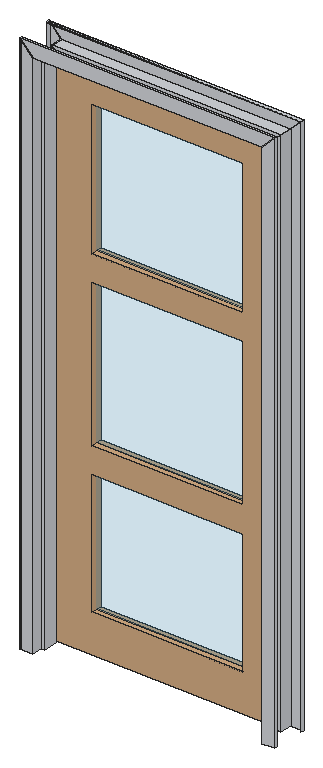
Revit family "Ext-Three FG-WDMF-36 x 84", category Doors, host Wall, Revit 2014
Parameters (values of type "Ext-Three FG-WDMF-36" x 84"")
  Width = Door Panel Width  # 3' - 0"
  Wall Thickness [instance] = 0' - 5 3/4"
  URL = ""
  Type Comments = "EXT,"
  Thickness = 0' - 1 3/4"
  Swing Angle [instance] = 90.00°
  SDI RO Spacing = 0' - 0"
  SDI Panel 1 Width = Leaf Width + 0' 0 3/16"  # 3' - 0"
  SDI No Panels = ""
  SDI HW Set [instance] = ""
  SDI HW Item LO-2 [instance] = ""
  SDI HW Item LO-1 [instance] = ""
  SDI HW Item KP-2 [instance] = ""
  SDI HW Item KP-1 [instance] = ""
  SDI HW Item HI-2 [instance] = ""
  SDI HW Item HI-1 [instance] = ""
  SDI HW Item HC-2 [instance] = ""
  SDI HW Item HC-1 [instance] = ""
  SDI HW Item ED-2 [instance] = ""
  SDI HW Item ED-1 [instance] = ""
  SDI HW Item DO-2 [instance] = ""
  SDI HW Item DO-1 [instance] = ""
  SDI HW Item CL-2 [instance] = ""
  SDI HW Item CL-1 [instance] = ""
  SDI Glass Material = Glass
  SDI Frame Type = "3 Piece"
  SDI Frame Material Type = "Hollow Metal"
  SDI Frame Material = Paint - Generic - Prime
  SDI Frame Manufacturer = ""
  SDI Frame Jamb Width = 0' - 2"
  SDI Frame Head Width = 0' - 2"
  SDI Frame Finish Type = "Painted"
  SDI Frame Finish Color = "Prime"
  SDI Frame Depth [instance] = 0' - 5 3/4"
  SDI Family Version = "1.0"
  SDI Door Top Rail Width = 0' - 7 3/4"
  SDI Door Stile Width = 0' - 6"
  SDI Door Panel Type = "FG"
  SDI Door Material Type = "Hollow Metal"
  SDI Door Material = Stain - SRO - Red Oak 100 Clear
  SDI Door Manufacturer = ""
  SDI Door Glass Type = "1/4\" Tempered"
  SDI Door Finish Type = "Painted"
  SDI Door Finish Color = "Prime"
  SDI Door Configuration = "SG"
  SDI Door Bottom Rail Width = 1' - 0"
  SDI Arch Frame Type [instance] = "1"
  SDI Arch Frame Material Type [instance] = "HM"
  SDI Arch Door Panel Type [instance] = "FG"
  SDI Arch Door Material Type [instance] = "HM"
  Rough Width = Frame Width - 0' 0" + 2 * SDI RO Spacing  # 3' - 4"
  Rough Height = Frame Height - 0' 0" + SDI RO Spacing  # 7' - 2"
  R1 Height = 7' - 0"
  P1 Width = 3' - 2"
  Model = "Ext-Three FG-WDMF-36\" x 84\""
  Manufacturer = ""
  Leaf Width = P1 Width - 0' 2 3/16"  # 2' - 11 13/16"
  Height = Door Panel Height  # 7' - 0"
  Glass Offset [instance] = 0' 2 1/16" + (SDI Frame Depth - 0' 5 3/4") / 2  # 0' - 2 1/16"
  Function = Exterior
  Frame Width = P1 Width + 0' 2"  # 3' - 4"
  Frame Offset [instance] = if(Aligned Exterior, SDI Frame Depth / 2, if(Aligned Center, Wall Thickness / 2, if(Aligned Interior, Wall Thickness - SDI Frame Depth + SDI Frame Depth / 2, Aligned Other)))  # 0' - 2 7/8"
  Frame Height = R1 Height + 0' 2"  # 7' - 2"
  Fire Rating = ""
  Exterior Glazing [instance] = no
  Door Panel Width = P1 Width - 0' 2"  # 3' - 0"
  Door Panel Height = R1 Height + 0' 2" - (0' 2")  # 7' - 0"
  Door Offset [instance] = 0' 2 13/16" + (SDI Frame Depth - 0' 5 3/4") / 2  # 0' - 2 13/16"
  Description = "Hollow Wood Door with Hollow Metal Frame"
  Cost = 0
  Assembly Code = "B2030120"
  Analytic Construction = "<None>"
  Aligned Other [instance] = 0' - 0"
  Aligned Interior [instance] = no
  Aligned Exterior [instance] = yes
  Aligned Center [instance] = no
  ADA Clearance Lines = no
Reference planes (in)
  plane 1: y = 0
  plane 2 "Center (Left/Right)": x = 0
  plane 3 "Wall Edge": y = 2.875
  plane 4 "Wall Interior": y = -2.875
  plane 5 "ModelRefLevel": z = -0.36736
  plane 6 "FrameDepthPlane": y = 0
  plane 7 "FrameFront": y = 2.875
  plane 8 "FrameBack": y = -2.875
  plane 9 "V0": x = 19
  plane 10 "V1": x = -19
  plane 11 "H0": z = 1
  plane 12 "H1": z = 85
  plane 13 "DoorLeft": x = 18
  plane 14 "DoorRight": x = -18
  plane 15 "DoorCenter": x = 0
  plane 16 "DoorTop": z = 83.875
  plane 17 "DoorCenterTB": z = 41.75382
  plane 18 "DoorExtFace": y = 2.8125
  plane 19 "DoorGlassFace": y = 2.0625
  plane 20 "LockCenterLine": z = 40.94513
  plane 21 "DoorExtFace1": y = 2.0625
  plane 22 "ActDoorLeft": x = 17.90625
  plane 23 "SwingClrPlane": y = 62.875
  plane 24 "SwingPartialPlane": y = 50.875
  plane 25: z = 55.79421
  plane 26: z = 27.71342
Forms (in)
  Extrusion 1, solid
    sketch origin (138.6875, 0, 43) x (-1, 0, 0) y (0, -1, 0)
      loop
        line (118.6875, -2.375) -> (118.6875, -2.875) -> (120.6875, -2.875) -> (120.6875, -0.9375) -> (121.3125, -0.9375) -> (121.3125, 1.3125) -> (120.6875, 1.3125) -> (120.6875, 2.875) -> (118.6875, 2.875) -> (118.6875, 2.4375) -> (118.75, 2.4375) -> (118.75, 2.8125) -> (120.625, 2.8125) -> (120.625, 1.25) -> (121.25, 1.25) -> (121.25, -0.875) -> (120.625, -0.875) -> (120.625, -2.8125) -> (118.75, -2.8125) -> (118.75, -2.375) -> (118.6875, -2.375)
    from -43 to 43
  Extrusion 2, void
    sketch origin (0, 2.875, 0) x (1, 0, 0) y (0, 0, 1)
      loop
        line (20, 86) -> (17.375, 86) -> (17.375, 83.375) -> (20, 86)
    from -12 to 12
  Extrusion 3, solid
    sketch origin (101.3125, 0, 43) x (-1, 0, 0) y (0, -1, 0)
      loop
        line (121.25, -2.375) -> (121.25, -2.8125) -> (119.375, -2.8125) -> (119.375, -0.875) -> (118.75, -0.875) -> (118.75, 1.25) -> (119.375, 1.25) -> (119.375, 2.8125) -> (121.25, 2.8125) -> (121.25, 2.4375) -> (121.3125, 2.4375) -> (121.3125, 2.875) -> (119.3125, 2.875) -> (119.3125, 1.3125) -> (118.6875, 1.3125) -> (118.6875, -0.9375) -> (119.3125, -0.9375) -> (119.3125, -2.875) -> (121.3125, -2.875) -> (121.3125, -2.375) -> (121.25, -2.375)
    from -43 to 43
  Extrusion 4, void
    sketch origin (0, 2.875, 0) x (1, 0, 0) y (0, 0, 1)
      loop
        line (-20, 86) -> (-17.375, 83.375) -> (-17.375, 86) -> (-20, 86)
    from -12 to 12
  Extrusion 5, solid
    sketch origin (0, 0, 84.6875) x (0, 1, 0) y (0, 0, 1)
      loop
        line (2.375, 1.25) -> (2.8125, 1.25) -> (2.8125, -0.625) -> (0.875, -0.625) -> (0.875, -1.25) -> (-1.25, -1.25) -> (-1.25, -0.625) -> (-2.8125, -0.625) -> (-2.8125, 1.25) -> (-2.4375, 1.25) -> (-2.4375, 1.3125) -> (-2.875, 1.3125) -> (-2.875, -0.6875) -> (-1.3125, -0.6875) -> (-1.3125, -1.3125) -> (0.9375, -1.3125) -> (0.9375, -0.6875) -> (2.875, -0.6875) -> (2.875, 1.3125) -> (2.375, 1.3125) -> (2.375, 1.25)
    from -20 to 20
  Extrusion 6, void
    sketch origin (0, 2.875, 0) x (1, 0, 0) y (0, 0, 1)
      loop
        line (-20, 86) -> (-20, 83.375) -> (-17.375, 83.375) -> (-20, 86)
    from -12 to 12
  Extrusion 7, void
    sketch origin (0, 2.875, 0) x (1, 0, 0) y (0, 0, 1)
      loop
        line (20, 86) -> (17.375, 83.375) -> (20, 83.375) -> (20, 86)
    from -12 to 12
  Extrusion 8, solid, material "Stain - SRO - Red Oak 100 Clear" <- "SDI Door Material"
    sketch origin (-60, 2.8125, -12) x (1, 0, 0) y (0, 0, 1)
      loop
        line (77.90625, 12.25764) -> (77.90625, 95.875) -> (42.09375, 95.875) -> (42.09375, 12.25764) -> (77.90625, 12.25764)
      loop
        line (71.90625, 18.25764) -> (71.90625, 37.71342) -> (48.09375, 37.71342) -> (48.09375, 18.25764) -> (71.90625, 18.25764)
      loop
        line (48.09375, 89.875) -> (48.09375, 68.79421) -> (71.90625, 68.79421) -> (71.90625, 89.875) -> (48.09375, 89.875)
      loop
        line (71.90625, 64.79421) -> (48.09375, 64.79421) -> (48.09375, 41.71342) -> (71.90625, 41.71342) -> (71.90625, 64.79421)
    from 0 to 1.75
  Extrusion 9, solid, material "Glass" <- "SDI Glass Material"
    sketch origin (-53.8125, 2.0625, -12.31096) x (1, 0, 0) y (0, 0, 1)
      loop
        line (41.90625, 69.10517) -> (65.71875, 69.10517) -> (65.71875, 90.18596) -> (41.90625, 90.18596) -> (41.90625, 69.10517)
      loop
        line (65.71875, 65.10517) -> (41.90625, 65.10517) -> (41.90625, 42.02438) -> (65.71875, 42.02438) -> (65.71875, 65.10517)
      loop
        line (65.71875, 38.02438) -> (41.90625, 38.02438) -> (41.90625, 18.5686) -> (65.71875, 18.5686) -> (65.71875, 38.02438)
    from 0 to 0.25
Cuts and joins
  Extrusion 2 cuts Extrusion 1
  Extrusion 4 cuts Extrusion 3
  Extrusion 6, Extrusion 7 cuts Extrusion 5
Lines and regions (in)
  Opening 1
    outline origin (-60, -2.875, 0) x (1, 0, 0) y (0, 0, 1)
      loop
        line (80, 0) -> (80, 86) -> (40, 86) -> (40, 0) -> (80, 0)
  symbolic lines, style "DoorsFrameMullionProjection", detail levels fine
    curve 1: line (20, 2.375, 0) -> (20, 2.875, 0)
    curve 2: line (20, 2.875, 0) -> (18, 2.875, 0)
    curve 3: line (18, 2.875, 0) -> (18, 0.9375, 0)
    curve 4: line (18, 0.9375, 0) -> (17.375, 0.9375, 0)
    curve 5: line (17.375, 0.9375, 0) -> (17.375, -1.3125, 0)
    curve 6: line (17.375, -1.3125, 0) -> (18, -1.3125, 0)
    curve 7: line (18, -1.3125, 0) -> (18, -2.875, 0)
    curve 8: line (18, -2.875, 0) -> (20, -2.875, 0)
    curve 9: line (20, -2.875, 0) -> (20, -2.4375, 0)
    curve 10: line (20, -2.4375, 0) -> (19.9375, -2.4375, 0)
    curve 11: line (19.9375, -2.4375, 0) -> (19.9375, -2.8125, 0)
    curve 12: line (19.9375, -2.8125, 0) -> (18.0625, -2.8125, 0)
    curve 13: line (18.0625, -2.8125, 0) -> (18.0625, -1.25, 0)
    curve 14: line (18.0625, -1.25, 0) -> (17.4375, -1.25, 0)
    curve 15: line (17.4375, -1.25, 0) -> (17.4375, 0.875, 0)
    curve 16: line (17.4375, 0.875, 0) -> (18.0625, 0.875, 0)
    curve 17: line (18.0625, 0.875, 0) -> (18.0625, 2.8125, 0)
    curve 18: line (18.0625, 2.8125, 0) -> (19.9375, 2.8125, 0)
    curve 19: line (19.9375, 2.8125, 0) -> (19.9375, 2.375, 0)
    curve 20: line (19.9375, 2.375, 0) -> (20, 2.375, 0)
    curve 25: line (-19.9375, 2.375, 0) -> (-19.9375, 2.8125, 0)
    curve 26: line (-19.9375, 2.8125, 0) -> (-18.0625, 2.8125, 0)
    curve 27: line (-18.0625, 2.8125, 0) -> (-18.0625, 0.875, 0)
    curve 28: line (-18.0625, 0.875, 0) -> (-17.4375, 0.875, 0)
    curve 29: line (-17.4375, 0.875, 0) -> (-17.4375, -1.25, 0)
    curve 30: line (-17.4375, -1.25, 0) -> (-18.0625, -1.25, 0)
    curve 31: line (-18.0625, -1.25, 0) -> (-18.0625, -2.8125, 0)
    curve 32: line (-18.0625, -2.8125, 0) -> (-19.9375, -2.8125, 0)
    curve 33: line (-19.9375, -2.8125, 0) -> (-19.9375, -2.4375, 0)
    curve 34: line (-19.9375, -2.4375, 0) -> (-20, -2.4375, 0)
    curve 35: line (-20, -2.4375, 0) -> (-20, -2.875, 0)
    curve 36: line (-20, -2.875, 0) -> (-18, -2.875, 0)
    curve 37: line (-18, -2.875, 0) -> (-18, -1.3125, 0)
    curve 38: line (-18, -1.3125, 0) -> (-17.375, -1.3125, 0)
    curve 39: line (-17.375, -1.3125, 0) -> (-17.375, 0.9375, 0)
    curve 40: line (-17.375, 0.9375, 0) -> (-18, 0.9375, 0)
    curve 41: line (-18, 0.9375, 0) -> (-18, 2.875, 0)
    curve 42: line (-18, 2.875, 0) -> (-20, 2.875, 0)
    curve 43: line (-20, 2.875, 0) -> (-20, 2.375, 0)
    curve 44: line (-20, 2.375, 0) -> (-19.9375, 2.375, 0)
  symbolic lines, style "DoorsFrameMullionProjection", detail levels coarse+medium
    curve 21: line (18, -2.875, 0) -> (20, -2.875, 0)
    curve 22: line (18, 2.875, 0) -> (20, 2.875, 0)
    curve 23: line (18, -2.875, 0) -> (18, 2.875, 0)
    curve 24: line (20, -2.875, 0) -> (20, 2.875, 0)
    curve 45: line (-20, -2.875, 0) -> (-18, -2.875, 0)
    curve 46: line (-20, 2.875, 0) -> (-18, 2.875, 0)
    curve 47: line (-20, -2.875, 0) -> (-20, 2.875, 0)
    curve 48: line (-18, -2.875, 0) -> (-18, 2.875, 0)
  symbolic lines, style "Elevation Swing"
    curve 49: line (-17.90625, 2.875, 83.875) -> (17.90625, 2.875, 41.75382)
    curve 50: line (-17.90625, 2.875, 0) -> (17.90625, 2.875, 41.75382)
  symbolic lines, style "ADA Clearance", visible <- "ADA Clearance Lines"
    curve 51: line (20, 2.875, 0) -> (20, 62.875, 0)
    curve 52: line (-36, 62.875, 0) -> (20, 62.875, 0)
    curve 53: line (-36, 50.875, 0) -> (20, 50.875, 0)
    curve 54: line (-36, 2.875, 0) -> (-36, 62.875, 0)
    curve 55: line (20, -2.875, 0) -> (20, -50.875, 0)
    curve 56: line (-30, -50.875, 0) -> (20, -50.875, 0)
    curve 57: line (-30, -2.875, 0) -> (-30, -50.875, 0)
Text (in)
  text "Placement Side" at (0, 40.15149, 123.01588), in view "Right"
  text "Placement Side" at (-70.3804, 28.46503, 0), in view "Ref. Level"
  text "Placement Side" at (0, 81.62555, 140.59947), in view "Left"
Dimensions and locks (in)
  locked: plane 3 "Wall Edge" to host wall
  equal spacing: host wall, plane 2 "Center (Left/Right)", host wall
  "Rough Width": host wall to host wall
  "Rough Height": level to host wall
  equal spacing: plane 3 "Wall Edge", plane 1, plane 4 "Wall Interior"
  "Wall Thickness": host wall to host wall
  "Frame Offset": plane 3 "Wall Edge" to plane 6 "FrameDepthPlane"
  equal spacing: plane 7 "FrameFront", plane 6 "FrameDepthPlane", plane 8 "FrameBack"
  "SDI Frame Depth": plane 7 "FrameFront" to plane 8 "FrameBack"
  equal spacing: plane 9 "V0", plane 2 "Center (Left/Right)", plane 10 "V1"
  "P1 Width": plane 9 "V0" to plane 10 "V1"
  "R1 Height": plane 11 "H0" to plane 12 "H1"
  locked: plane 12 "H1" to Extrusion 1 at 1
  locked: plane 11 "H0" to Extrusion 1 at 1
  locked: plane 9 "V0" to Extrusion 1 at 1  (x4)
  locked: plane 9 "V0" to Extrusion 1 at 0.9375  (x5)
  locked: plane 9 "V0" to Extrusion 1 at 1.5625
  locked: plane 9 "V0" to Extrusion 1 at 1.625
  locked: plane 12 "H1" to Extrusion 3 at 1
  locked: plane 11 "H0" to Extrusion 3 at 1
  locked: plane 10 "V1" to Extrusion 3 at 0.9375  (x4)
  locked: plane 10 "V1" to Extrusion 3 at 1  (x5)
  locked: plane 10 "V1" to Extrusion 3 at 1.625
  locked: plane 10 "V1" to Extrusion 3 at 1.5625
  locked: plane 9 "V0" to Extrusion 5 at 1
  locked: plane 10 "V1" to Extrusion 5 at 1
  locked: plane 12 "H1" to Extrusion 5 at 0.9375  (x5)
  locked: plane 12 "H1" to Extrusion 5 at 1.5625
  locked: plane 12 "H1" to Extrusion 5 at 1  (x4)
  locked: plane 12 "H1" to Extrusion 5 at 1.625
  locked: plane 7 "FrameFront" to cut or joined group of Extrusion 1, Extrusion 2 at 1.9375
  locked: plane 7 "FrameFront" to cut or joined group of Extrusion 1, Extrusion 2 at 2
  locked: plane 7 "FrameFront" to cut or joined group of Extrusion 1, Extrusion 2 at 0.0625
  locked: plane 7 "FrameFront" to cut or joined group of Extrusion 1, Extrusion 2 at 0.5
  locked: plane 8 "FrameBack" to cut or joined group of Extrusion 1, Extrusion 2 at 1.5625
  locked: plane 8 "FrameBack" to cut or joined group of Extrusion 1, Extrusion 2 at 0.4375
  locked: plane 8 "FrameBack" to cut or joined group of Extrusion 1, Extrusion 2 at 0.0625
  locked: plane 8 "FrameBack" to cut or joined group of Extrusion 1, Extrusion 2 at 1.625
  locked: plane 7 "FrameFront" to cut or joined group of Extrusion 3, Extrusion 4 at 0.0625
  locked: plane 7 "FrameFront" to cut or joined group of Extrusion 3, Extrusion 4 at 2
  locked: plane 7 "FrameFront" to cut or joined group of Extrusion 3, Extrusion 4 at 1.9375
  locked: plane 7 "FrameFront" to cut or joined group of Extrusion 3, Extrusion 4 at 0.5
  locked: plane 8 "FrameBack" to cut or joined group of Extrusion 3, Extrusion 4 at 1.625
  locked: plane 8 "FrameBack" to cut or joined group of Extrusion 3, Extrusion 4 at 0.0625
  locked: plane 8 "FrameBack" to cut or joined group of Extrusion 3, Extrusion 4 at 0.4375
  locked: plane 8 "FrameBack" to cut or joined group of Extrusion 3, Extrusion 4 at 1.5625
  locked: plane 7 "FrameFront" to cut or joined group of Extrusion 5, Extrusion 6, Extrusion 7 at 0.0625
  locked: plane 7 "FrameFront" to cut or joined group of Extrusion 5, Extrusion 6, Extrusion 7 at 2
  locked: plane 7 "FrameFront" to cut or joined group of Extrusion 5, Extrusion 6, Extrusion 7 at 1.9375
  locked: plane 7 "FrameFront" to cut or joined group of Extrusion 5, Extrusion 6, Extrusion 7 at 0.5
  locked: plane 8 "FrameBack" to cut or joined group of Extrusion 5, Extrusion 6, Extrusion 7 at 1.625
  locked: plane 8 "FrameBack" to cut or joined group of Extrusion 5, Extrusion 6, Extrusion 7 at 0.0625
  locked: plane 8 "FrameBack" to cut or joined group of Extrusion 5, Extrusion 6, Extrusion 7 at 0.4375
  locked: plane 8 "FrameBack" to cut or joined group of Extrusion 5, Extrusion 6, Extrusion 7 at 1.5625
  locked: plane 7 "FrameFront" to curve 4 at 1.9375
  locked: plane 7 "FrameFront" to curve 16 at 2
  locked: plane 7 "FrameFront" to curve 18 at 0.0625
  locked: plane 7 "FrameFront" to curve 20 at 0.5
  locked: plane 7 "FrameFront" to curve 26 at 0.0625
  locked: plane 7 "FrameFront" to curve 28 at 2
  locked: plane 7 "FrameFront" to curve 40 at 1.9375
  locked: plane 7 "FrameFront" to curve 44 at 0.5
  locked: plane 8 "FrameBack" to curve 6 at 1.5625
  locked: plane 8 "FrameBack" to curve 10 at 0.4375
  locked: plane 8 "FrameBack" to curve 12 at 0.0625
  locked: plane 8 "FrameBack" to curve 14 at 1.625
  locked: plane 8 "FrameBack" to curve 30 at 1.625
  locked: plane 8 "FrameBack" to curve 32 at 0.0625
  locked: plane 8 "FrameBack" to curve 34 at 0.4375
  locked: plane 8 "FrameBack" to curve 38 at 1.5625
  locked: plane 9 "V0" to plane 13 "DoorLeft" at 1
  locked: plane 10 "V1" to plane 14 "DoorRight" at 1
  locked: plane 12 "H1" to plane 16 "DoorTop" at 1.125
  equal spacing: plane 16 "DoorTop", plane 17 "DoorCenterTB", plane 5 "ModelRefLevel"
  "Door Offset": plane 6 "FrameDepthPlane" to plane 18 "DoorExtFace"
  "Glass Offset": plane 6 "FrameDepthPlane" to plane 19 "DoorGlassFace"
  locked: plane 20 "LockCenterLine" to plane 5 "ModelRefLevel" at 41.3125
  locked: Extrusion 8 to Extrusion 8 at 1.75
  locked: plane 6 "FrameDepthPlane" to plane 21 "DoorExtFace1" at 2.0625
  locked: Extrusion 9 to Extrusion 9 at 0.25
  locked: plane 13 "DoorLeft" to Extrusion 8 at 0.09375
  locked: plane 14 "DoorRight" to Extrusion 8 at 6.09375
  locked: plane 14 "DoorRight" to Extrusion 8 at 0.09375
  locked: plane 13 "DoorLeft" to Extrusion 8 at 6.09375
  plane 5 "ModelRefLevel" to Extrusion 8 = 0' - 6 5/8"
  plane 5 "ModelRefLevel" to Extrusion 8 = 0' - 0 5/8"
  plane 16 "DoorTop" to Extrusion 8 = 0' - 6"
  locked: plane 13 "DoorLeft" to plane 22 "ActDoorLeft" at 0.09375
  locked: plane 3 "Wall Edge" to plane 23 "SwingClrPlane" at 60
  locked: plane 3 "Wall Edge" to plane 24 "SwingPartialPlane" at 48
  Extrusion 8 sketch curve to plane 25 to Extrusion 8 sketch curve = 0' - 3" locked, 0' - 1" locked
  Extrusion 8 sketch curve to plane 26 to Extrusion 8 sketch curve = 0' - 2" locked, 0' - 2" locked
  locked: Extrusion 8 sketch curve to Extrusion 8 sketch curve at 6
  locked: Extrusion 8 sketch curve to plane 16 "DoorTop" at 6
  equal spacing: plane 5 "ModelRefLevel", plane 26, plane 25, plane 16 "DoorTop"
  aligned and locked: plane 4 "Wall Interior" to host wall
  aligned and locked: cut or joined group of Extrusion 1, Extrusion 2 to plane 7 "FrameFront"
  aligned and locked: plane 8 "FrameBack" to cut or joined group of Extrusion 1, Extrusion 2
  aligned and locked: cut or joined group of Extrusion 3, Extrusion 4 to plane 7 "FrameFront"
  aligned and locked: plane 8 "FrameBack" to cut or joined group of Extrusion 3, Extrusion 4
  aligned and locked: cut or joined group of Extrusion 5, Extrusion 6, Extrusion 7 to plane 7 "FrameFront"
  aligned and locked: plane 8 "FrameBack" to cut or joined group of Extrusion 5, Extrusion 6, Extrusion 7
  aligned and locked: curve 2 to plane 7 "FrameFront"
  aligned and locked: plane 7 "FrameFront" to curve 22
  aligned and locked: curve 42 to plane 7 "FrameFront"
  aligned and locked: plane 7 "FrameFront" to curve 46
  aligned and locked: plane 8 "FrameBack" to curve 8
  aligned and locked: plane 8 "FrameBack" to curve 36
  aligned and locked: Extrusion 8 to plane 18 "DoorExtFace"
  aligned and locked: Extrusion 9 to plane 21 "DoorExtFace1"
  aligned and locked: plane 7 "FrameFront" to nested 1
  aligned and locked: plane 22 "ActDoorLeft" to nested 1
  aligned and locked: plane 23 "SwingClrPlane" to curve 52
  aligned and locked: plane 24 "SwingPartialPlane" to curve 53
  aligned and locked: Extrusion 9 sketch curve to Extrusion 8  (x12)
Automatic sketch dimensions
  Opening 1 sketch curve to level = 0' - 0"
  Opening 1 sketch curve to plane 2 "Center (Left/Right)" = 1' - 8"
  plane 2 "Center (Left/Right)" to Opening 1 sketch curve = 1' - 8"
  level to Opening 1 sketch curve = 7' - 2"
  Extrusion 2 sketch curve to plane 9 "V0" = 0' - 1 5/8"
  plane 9 "V0" to Extrusion 2 sketch curve = 0' - 1"
  plane 12 "H1" to Extrusion 2 sketch curve = 0' - 1 5/8"
  Extrusion 2 sketch curve to plane 12 "H1" = 0' - 1"
  Extrusion 1 sketch curve to host wall = 0' - 0"
  host wall to Extrusion 1 sketch curve = 0' - 0"
  Extrusion 1 sketch curve to host wall = 0' - 0 1/2"
  plane 2 "Center (Left/Right)" to Extrusion 1 sketch curve = 1' - 8"  (x2)
  Extrusion 1 sketch curve to host wall = 0' - 0 7/16"
  Extrusion 1 sketch curve to Extrusion 1 sketch curve = 0' - 0 1/16"  (x7)
  plane 2 "Center (Left/Right)" to Extrusion 1 sketch curve = 1' - 6 1/16"  (x2)
  Extrusion 1 sketch curve to host wall = 0' - 0 1/16"  (x2)
  Extrusion 1 sketch curve to Extrusion 1 sketch curve = 0' - 0 9/16"
  Extrusion 1 sketch curve to host wall = 0' - 0 15/16"
  host wall to Extrusion 1 sketch curve = 0' - 1 1/4"
  plane 9 "V0" to curve 1 = 0' - 1"
  curve 6 to curve 5 = 0' - 0 5/8"
  curve 7 to plane 9 "V0" = 0' - 1"
  curve 9 to curve 10 = 0' - 0 1/16"
  curve 12 to curve 7 = 0' - 0 1/16"
  curve 14 to curve 5 = 0' - 0 1/16"
  curve 16 to curve 3 = 0' - 0 1/16"
  curve 1 to curve 18 = 0' - 0 1/16"
  Extrusion 4 sketch curve to plane 10 "V1" = 0' - 1"
  plane 10 "V1" to Extrusion 4 sketch curve = 0' - 1 5/8"
  plane 12 "H1" to Extrusion 4 sketch curve = 0' - 1 5/8"
  Extrusion 4 sketch curve to plane 12 "H1" = 0' - 1"
  host wall to Extrusion 3 sketch curve = 0' - 0"
  Extrusion 3 sketch curve to host wall = 0' - 0"
  Extrusion 3 sketch curve to plane 2 "Center (Left/Right)" = 1' - 5 3/8"
  Extrusion 3 sketch curve to Extrusion 3 sketch curve = 0' - 0 1/16"  (x7)
  Extrusion 3 sketch curve to Extrusion 3 sketch curve = 0' - 0 9/16"  (x2)
  Extrusion 3 sketch curve to host wall = 0' - 0 7/16"
  Extrusion 3 sketch curve to plane 2 "Center (Left/Right)" = 1' - 7 15/16"  (x2)
  Extrusion 3 sketch curve to host wall = 0' - 0 1/2"
  Extrusion 3 sketch curve to host wall = 0' - 0 1/16"  (x2)
  Extrusion 3 sketch curve to host wall = 0' - 0 15/16"
  host wall to Extrusion 3 sketch curve = 0' - 1 1/4"
  plane 10 "V1" to curve 26 = 0' - 0 15/16"
  curve 29 to curve 30 = 0' - 0 5/8"
  curve 32 to plane 10 "V1" = 0' - 0 15/16"
  curve 33 to curve 34 = 0' - 0 1/16"
  curve 36 to curve 31 = 0' - 0 1/16"
  curve 38 to curve 29 = 0' - 0 1/16"
  curve 40 to curve 27 = 0' - 0 1/16"
  curve 25 to curve 42 = 0' - 0 1/16"
  Extrusion 6 sketch curve to plane 10 "V1" = 0' - 1"
  plane 10 "V1" to Extrusion 6 sketch curve = 0' - 1 5/8"
  plane 12 "H1" to Extrusion 6 sketch curve = 0' - 1 5/8"
  Extrusion 6 sketch curve to plane 12 "H1" = 0' - 1"
  Extrusion 7 sketch curve to plane 9 "V0" = 0' - 1 5/8"
  plane 9 "V0" to Extrusion 7 sketch curve = 0' - 1"
  plane 12 "H1" to Extrusion 7 sketch curve = 0' - 1 5/8"
  Extrusion 7 sketch curve to plane 12 "H1" = 0' - 1"
  Extrusion 5 sketch curve to host wall = 0' - 0"  (x2)
  Extrusion 5 sketch curve to host wall = 0' - 0 1/16"  (x2)
  Extrusion 5 sketch curve to Extrusion 5 sketch curve = 0' - 0 3/8"
  host wall to Extrusion 5 sketch curve = 0' - 1 5/16"
  Extrusion 5 sketch curve to Extrusion 5 sketch curve = 0' - 0 1/16"  (x7)
  Extrusion 5 sketch curve to host wall = 0' - 0 7/8"
  Extrusion 5 sketch curve to host wall = 0' - 0 1/2"
  level to Extrusion 5 sketch curve = 6' - 11 3/8"
  Extrusion 5 sketch curve to Extrusion 5 sketch curve = 0' - 0 9/16"  (x2)
  Extrusion 5 sketch curve to plane 11 "H0" = 7' - 0 15/16"  (x2)
  curve 49 to plane 16 "DoorTop" = 0' - 0"
  curve 49 to plane 17 "DoorCenterTB" = 0' - 0"
  plane 14 "DoorRight" to curve 49 = 0' - 0 3/32"
  curve 50 to level = 0' - 0"
  curve 50 to plane 22 "ActDoorLeft" = 0' - 0"
  plane 14 "DoorRight" to curve 50 = 0' - 0 3/32"
  curve 51 to host wall = 0' - 0"
  plane 9 "V0" to curve 51 = 0' - 1"
  curve 54 to host wall = 0' - 0"
  host wall to curve 55 = 0' - 0"
  plane 9 "V0" to curve 55 = 0' - 1"
  host wall to curve 55 = 4' - 0"
  curve 56 to plane 10 "V1" = 0' - 11"
  host wall to curve 57 = 0' - 0"
  curve 57 to curve 54 = 0' - 6"
  Extrusion 8 sketch curve to plane 16 "DoorTop" = 0' - 0"
  Extrusion 8 sketch curve to plane 22 "ActDoorLeft" = 0' - 0"
  Extrusion 8 sketch curve to plane 22 "ActDoorLeft" = 0' - 6"  (x2)
  Extrusion 8 sketch curve to Extrusion 8 sketch curve = 0' - 0"
  plane 14 "DoorRight" to Extrusion 8 sketch curve = 0' - 6 3/32"  (x3)
  plane 14 "DoorRight" to Extrusion 8 sketch curve = 0' - 0 3/32"
  Extrusion 8 sketch curve to plane 11 "H0" = 0' - 5.25764"
Nested families (in)
  nested 1: "SingleDoorPlanLines" at (17.90625, 2.875, 0.625), type "SingleDoorPlanLines"
Definition of nested family "SingleDoorPlanLines"
  Parameters (values of type "SingleDoorPlanLines")
    Width = 3' - 0"
    URL = ""
    Thickness = 0' - 1 3/4"
    Analytic Construction = "<None>"
    Swing Angle = 90.00°
  Reference planes (in)
    plane 1 "Front": y = 0
    plane 2: z = 0
    plane 3 "Right": x = 0
    plane 4 "Left": x = -36
  Lines and regions (in)
    symbolic lines, style "DoorsPanelProjection"
      curve 1: line (0, 0, 0) -> (0, 36, 0)
      curve 2: line (0, 36, 0) -> (-1.75, 36, 0)
      curve 3: line (-1.75, 36, 0) -> (-1.75, 0, 0)
      curve 4: line (-1.75, 0, 0) -> (0, 0, 0)
    model lines, style "InvisibleLines", not visible
      curve 5: line (0, 0, 0) -> (-38.99851, -0.34033, 0)
    symbolic lines, style "Plan Swing"
      curve 6: arc (-35.99863, -0.31416, 0) -> (-25.56667, 25.34453, 0) -> (0, 36, 0) r 36
  Dimensions and locks (in)
    "Thickness": curve 3 to curve 1
    "Width": curve 2 to curve 4
    "Width": plane 4 "Left" to plane 3 "Right"
    "Swing Angle": angle curve 1 to plane 1 "Front"
    locked: plane 1 "Front" to curve 5 (angle 0.50°)
  Automatic sketch dimensions
    curve 6 to plane 1 "Front" = 0' - 0"
    curve 6 to plane 3 "Right" = 0' - 0"
    curve 4 to plane 1 "Front" = 0' - 0"
    curve 4 to plane 3 "Right" = 0' - 0"
